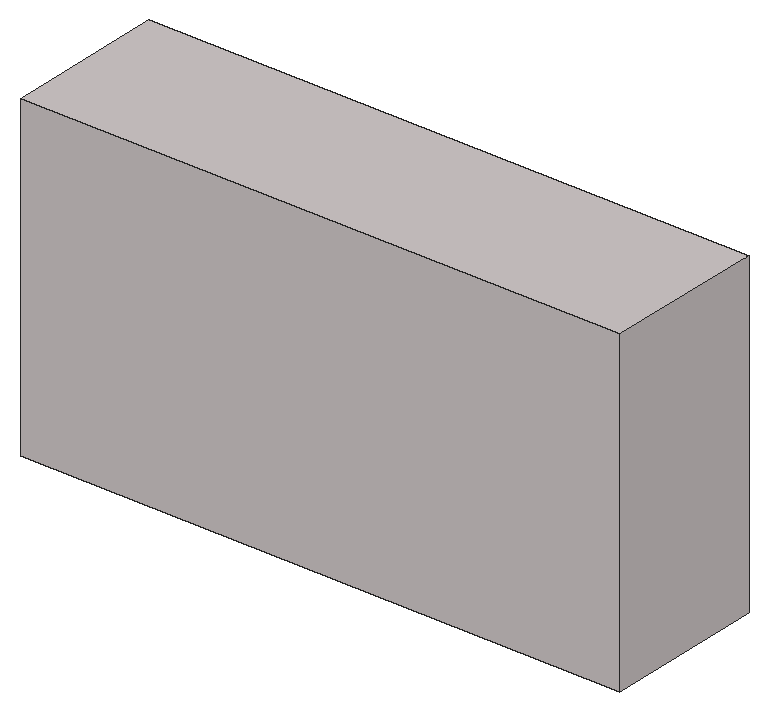
Revit family "STC_A3-Beam-Precast-Rectangular-(M)", category Structural Framing, Revit 2016
Family settings
  Display in Hidden Views = Edges Hidden by Other Members
  Section Shape = Not Defined
  Material for Model Behavior = Precast Concrete
  Always export as geometry = No
  Always vertical = Yes
  Cut with Voids When Loaded = No
  Symbolic Representation = From Family
  Shared = No
  Show family pre-cut in plan views = Yes
Parameters (values of type "300 RB 600 Beams")
  Structural Material [instance] = Concrete - Precast Concrete - 35 MPa
  Start Extension Calculation [instance] = 3012.5 mm + Start Extension  # 3000 mm
  Start Extension [instance] = -12.5 mm
  End Extension Calculation [instance] = 3012.5 mm + End Extension  # 3000 mm
  End Extension [instance] = -12.5 mm
  Assembly Code = ""
  Length [instance] = 1524 mm
  b = 300 mm
  h = 600 mm
  Angle [instance] = 0.00°
Types (3, lengths in mm): name | b | h
  (no name) | 300 | 600
  400 RB 800 Beams | 400 | 800
  300 RB 600 Beams | 300 | 600
Reference planes
  plane 1 "Center (Front/Back)": y = 0
  plane 2: z = 0
  plane 3 "Center (Left/Right)": x = 4.61
  plane 4 "Member Left": x = -557.39
  plane 5 "Member Right": x = 566.61
  plane 6: y = 150
  plane 7: y = -150
  plane 8: z = 300
  plane 9 "Bottom": z = -300
  plane 10 "Left": x = -757.39
  plane 11 "Right": x = 766.61
  plane 12: x = -557.39
  plane 13: x = 566.61
  plane 14: x = 2442.61
  plane 15: x = -2433.39
Forms (mm)
  Sweep 1, solid, material "Concrete - Precast Concrete - 35 MPa" <- "Structural Material"
    path origin (0, 0, 0) x (1, 0, 0) y (0, 1, 0)
      loop
        line (566.61, 0) -> (-557.39, 0)
    profile "M_Rectangular Beam-Profile : M_Rectangular Beam-Profile" origin (4.61, 0, 0) x (0, -1, 0) y (0, 0, 1)
      loop
        line (-150, -300) -> (150, -300) -> (150, 300) -> (-150, 300) -> (-150, -300)
Dimensions and locks
  "b": plane 6 to plane 7
  equal spacing: plane 9 "Bottom", plane 2, plane 8
  equal spacing: plane 6, plane 1 "Center (Front/Back)", plane 7
  "h": plane 9 "Bottom" to plane 8
  "Length": plane 10 "Left" to plane 11 "Right"
  locked: plane 4 "Member Left" to plane 14 at 3000
  locked: plane 15 to plane 5 "Member Right" at 3000
  "End Extension Calculation": plane 15 to plane 13
  "Start Extension Calculation": plane 12 to plane 14
  aligned and locked: Sweep 1 sketch curve to plane 1 "Center (Front/Back)"
  aligned and locked: plane 12 to Sweep 1 sketch curve
  aligned and locked: plane 13 to Sweep 1 sketch curve
